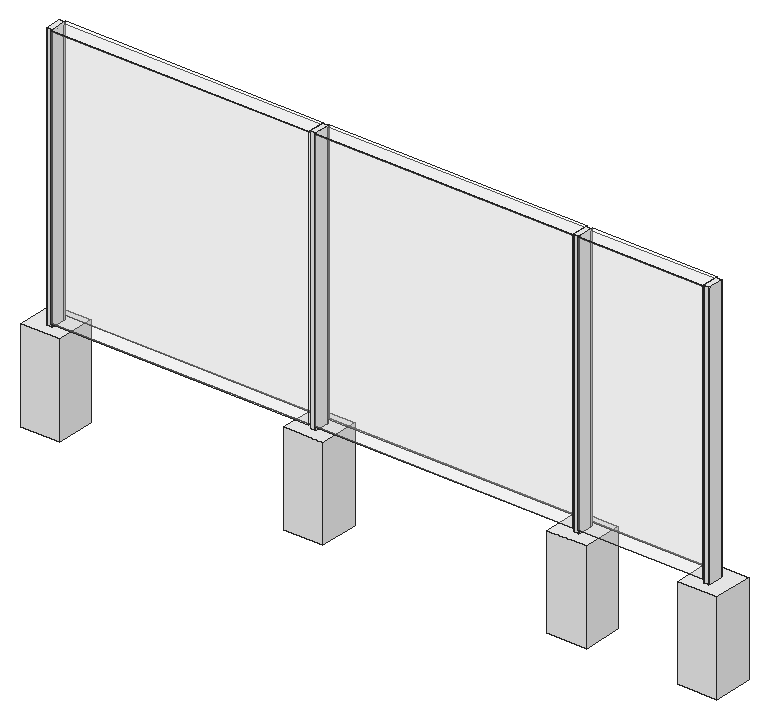
Revit family "NBS_BetafenceLimited_MtlMeshPnlFncngSym_ZenturoGabionWall", category Generic Models, Revit 2016
Family settings
  Part Type = Normal
  Can host rebar = No
  Round Connector Dimension = Use Diameter
  OmniClass Number = 23.11.25.19.21
  OmniClass Title = Panel Fences
  Work Plane-Based = No
  Cut with Voids When Loaded = No
  Shared = No
  Room Calculation Point = No
Parameters
  WarrantyStartDate [instance] = "1900-12-31T23:59:59"
  WarrantyGuarantorParts = "n/a"
  WarrantyGuarantorLabor = "n/a"
  WarrantyDurationUnit = "year"
  WarrantyDurationParts = "n/a"
  WarrantyDurationLabor = "n/a"
  WarrantyDescription = "n/a"
  Version = "1"  # constant formula
  Uniclass2015Version = "Systems v1.6"
  Uniclass2015Title = "Metal mesh panel fencing systems"
  Uniclass2015Code = "Ss_25_14_67_51"
  TagNumber [instance] = "n/a"
  SystemAccessories = "n/a"
  SustainabilityPerformance = "n/a"
  StandardPostAxisOffset = 2005 mm  # constant formula
  Size = "n/a"
  SiteAppliedFinishes = "n/a"
  Shape = "n/a"
  SerialNumber [instance] = "n/a"
  Revision = "n/a"
  ReplacementCost = "n/a"
  Reference = "n/a"
  Rails = "n/a"
  ProductInformation = "www.betafence.co.uk/en/zenturo-super-gabion-wall"
  Posts = "n/a"
  PostThickness = 120 mm  # constant formula
  PostFoundations = "Installation guides available on request"
  Panels = "n/a"
  PanelThickness = 144 mm  # constant formula
  PanelSizeOptions = "2005 x 655 mm, 2005 x 955 mm, 2005 x 1255 mm, 2005 x 1555 mm, 2005 x 1705 mm, 2005 x 2005 mm"
  PanelOffsetFromPostAxis = PostWidth / 2  # 20 mm
  PanelOffsetFromPostCL = PanelThickness * 0.5  # 72 mm
  PanelMaterial = NBS_BetafenceLimited_MtlMeshPnlFncngSym_ZenturoGabionWall_Panel
  PanelHeight = PostHeight  # 2005 mm
  PanelElevation = 20 mm  # constant formula
  NumberOfStartPosts [instance] = if(HasPostAtStart, 1, 0)  # 1
  NumberOfPanels [instance] = if(HasNonStandardEndPanel, NumberOfWholePanels + 1, NumberOfWholePanels)  # 3
  NumberOfWholePanels [instance] = rounddown([built-in parameter 1001306] / StandardPostAxisOffset)  # 2
  NumberOfIntermediatePosts [instance] = NumberOfPanels - 1  # 2
  NumberOfEndPosts [instance] = if(HasPostOnEnd, 1, 0)  # 1
  NumberOfPosts [instance] = NumberOfStartPosts + NumberOfIntermediatePosts + NumberOfEndPosts  # 4
  NonStandardEndPanelLength [instance] = [built-in parameter 1001306] - StandardPostAxisOffset * NumberOfWholePanels  # 990 mm
  NominalWidth = StandardPostAxisOffset  # 2005 mm
  NominalLength = 0 mm
  NominalHeight = PostHeight  # 2005 mm
  Name = "MetalMeshPanelFencingSystem_ZenturoGabionWall_BetafenceLimited"
  NBSTypeID = "n/a"
  NBSReference = "25-20-30/145"
  NBSOfficeMasterTag = "n/a"
  NBSNote = "n/a"
  NBSDescription = "Metal mesh panel fencing system"
  NBSCertification = "www.nationalbimlibrary.com/cert/fkkpvtci"
  ModelReference = "Zenturo Gabion Wall"
  ModelNumber = "n/a"
  Material = "n/a"
  ManufacturerURL = "www.betafence.co.uk"
  ManufacturerName = "Betafence Limited"  # constant formula
  Manufacturer = "sales.sheffield@betafence.com"  # constant formula
  built-in parameter 1001306 [instance] = 5000 mm
  IsExternal = yes
  InstallationDate [instance] = "1900-12-31T23:59:59"
  IfcExportType = "NOTDEFINED"  # constant formula
  IfcExportAs = "IfcWallType"  # constant formula
  Height = PostHeight  # 2005 mm
  HasSingleWholePanel [instance] = NumberOfWholePanels = 1  # no
  HasSingleIntermediatePost [instance] = NumberOfIntermediatePosts = 1  # no
  HasMultipleWholePanels [instance] = NumberOfWholePanels > 1  # yes
  HasMultipleIntermediatePosts [instance] = NumberOfIntermediatePosts > 1  # yes
  HasFoundation [instance] = yes
  Has4FoldPanel = (PostHeight > 2001 mm)  # yes
  Has3FoldPanel = not(Has4FoldPanel)  # no
  Grade = "n/a"
  FoundationMaterial = NBS_Concept
  PostWidth = 40 mm  # constant formula
  PostMountDepth = 700 mm  # constant formula
  PostMaterial = NBS_Concept
  PostHeight = 2005 mm
  HasNonStandardEndPanel [instance] = ([built-in parameter 1001306] / StandardPostAxisOffset) > NumberOfWholePanels  # yes
  HasPostOnEnd [instance] = yes
  HasPostAtStart [instance] = yes
  FoundationWidth [instance] = 300 mm
  FoundationDepth [instance] = 700 mm
  Finish = "n/a"
  FenceTopping = "n/a"
  Features = "n/a"
  ExpectedLife = "n/a"
  DurationUnit = "year"
  Diameter = 0 mm
  Description = "n/a"
  Constituents = "n/a"
  Color = "n/a"
  CodePerformance = "n/a"
  Category = "Ss_25_14_67_51: Metal mesh panel fencing systems"
  CalculatedNumberOfWholePanels [instance] = if(NumberOfWholePanels < 2, 2, NumberOfWholePanels)  # 2
  CalculatedNumberOfIntermediatePosts [instance] = if(NumberOfIntermediatePosts < 2, 2, NumberOfIntermediatePosts)  # 2
  CalculatedNonStandardEndPanelLength [instance] = if(NonStandardEndPanelLength < 2 mm, 2 mm, NonStandardEndPanelLength)  # 990 mm
  BaseBoards = "n/a"
  BarCode [instance] = "n/a"
  BIMObjectName = "NBS_BetafenceLimited_MetalMeshPanelFencingSystem_ZenturoGabionWall"
  Author = "NBS"  # constant formula
  AssetType = "Fixed"
  AssetIdentifier [instance] = "n/a"
  AccessibilityPerformance = "n/a"
Reference planes
  plane 1 "Center (Front/Back)": y = 0
  plane 2: z = 0
  plane 3 "Left": x = 0
  plane 4 "Right": x = 5000
  plane 5: x = 2005
  plane 6: x = 4010
  plane 7: z = 2005
  plane 8: y = 150
  plane 9: y = -150
  plane 10: y = -60
  plane 11: y = 60
  plane 12 "PanelElevation": z = 20
  plane 13: x = 4010
  plane 14: y = -72
Lines and regions (mm)
  reference lines
    curve 1: line (0, 0, 0) -> (5000, 0, 0)
Dimensions and locks
  "built-in parameter 1001306": plane 3 "Left" to plane 4 "Right"
  "StandardPostAxisOffset": plane 3 "Left" to plane 5
  "StandardPostAxisOffset": plane 5 to plane 6
  "PostHeight": plane 7 to plane 2
  equal spacing: plane 9, plane 1 "Center (Front/Back)", plane 8
  "FoundationWidth": plane 9 to plane 8
  equal spacing: plane 10, plane 1 "Center (Front/Back)", plane 11
  "PostThickness": plane 10 to plane 11
  "PanelElevation": plane 12 "PanelElevation" to plane 2
  "CalculatedNonStandardEndPanelLength": plane 13 to plane 4 "Right"
  group 1 to group 2 = 2005 mm
  group 1 to group 2 = 0 mm  (x2)
  "PanelOffsetFromPostCL": plane 14 to plane 1 "Center (Front/Back)"
  group 3 to group 4 = 2005 mm
  group 3 to group 4 = 0 mm  (x2)
  aligned and locked: plane 4 "Right" to curve 1
  aligned and locked: plane 1 "Center (Front/Back)" to curve 1
  aligned and locked: plane 3 "Left" to curve 1
  aligned and locked: level to plane 2
  aligned and locked: plane 3 "Left" to nested 1
  aligned and locked: plane 1 "Center (Front/Back)" to nested 1
  aligned and locked: plane 4 "Right" to nested 3
  aligned and locked: plane 1 "Center (Front/Back)" to nested 3
  aligned and locked: nested 2 to plane 5
  aligned and locked: plane 1 "Center (Front/Back)" to nested 2
  aligned and locked: plane 3 "Left" to nested 4
  aligned and locked: plane 2 to nested 1
  aligned and locked: plane 2 to nested 2
  aligned and locked: plane 2 to nested 3
  aligned and locked: plane 2 to nested 6
  aligned and locked: nested 6 to plane 5
  aligned and locked: plane 1 "Center (Front/Back)" to nested 6
  aligned and locked: plane 3 "Left" to nested 7
  aligned and locked: nested 4 to nested 7
  aligned and locked: plane 14 to nested 5
  aligned and locked: plane 14 to nested 7
  aligned and locked: plane 14 to nested 4
  aligned and locked: curve 1 to plane 2
  aligned and locked: nested 9 to plane 5
  aligned and locked: plane 14 to nested 9
  aligned and locked: plane 12 "PanelElevation" to nested 5
  aligned and locked: plane 12 "PanelElevation" to nested 4
  aligned and locked: plane 12 "PanelElevation" to nested 7
  aligned and locked: plane 12 "PanelElevation" to nested 9
  aligned and locked: nested 9 to plane 12 "PanelElevation"
  aligned and locked: nested 8 to plane 6
  aligned and locked: plane 4 "Right" to nested 5
Nested families
  nested 1: "NBS_BetafenceLimited_MtlMeshPnlFncngSym_ZenturoGabionWallPost" at (0, 0, 0), visible <- "HasPostAtStart", FoundationMaterial <- "FoundationMaterial", FoundationDepth <- "FoundationDepth", FoundationWidth <- "FoundationWidth", PostMountDepth <- "PostMountDepth", PostHeight <- "PostHeight", PostMaterial <- "PostMaterial", HasFoundation <- "HasFoundation", PanelOffset <- "PanelElevation", type "NBS_BetafenceLimited_Post_SEED"
    with PostWidth 40 mm, PostThickness 120 mm, PostMountDepth 700 mm, PostMaterial NBS_Concept, PostHeight 2005 mm, PanelOffset 20 mm, HasFoundation yes, FoundationWidth 300 mm, FoundationMaterial NBS_Concept, FoundationDepth 700 mm
  nested 2: "NBS_BetafenceLimited_MtlMeshPnlFncngSym_ZenturoGabionWallPost" at (2005, 0, 0), visible <- "HasSingleIntermediatePost", FoundationMaterial <- "FoundationMaterial", PostMaterial <- "PostMaterial", FoundationDepth <- "FoundationDepth", FoundationWidth <- "FoundationWidth", PostMountDepth <- "PostMountDepth", PostHeight <- "PostHeight", HasFoundation <- "HasFoundation", PanelOffset <- "PanelElevation", type "NBS_BetafenceLimited_Post_SEED"
    with PostWidth 40 mm, PostThickness 120 mm, PostMountDepth 700 mm, PostMaterial NBS_Concept, PostHeight 2005 mm, PanelOffset 20 mm, HasFoundation yes, FoundationWidth 300 mm, FoundationMaterial NBS_Concept, FoundationDepth 700 mm
  nested 3: "NBS_BetafenceLimited_MtlMeshPnlFncngSym_ZenturoGabionWallPost" at (5000, 0, 0), visible <- "HasPostOnEnd", FoundationMaterial <- "FoundationMaterial", FoundationDepth <- "FoundationDepth", FoundationWidth <- "FoundationWidth", PostMountDepth <- "PostMountDepth", PostHeight <- "PostHeight", PostMaterial <- "PostMaterial", HasFoundation <- "HasFoundation", PanelOffset <- "PanelElevation", type "NBS_BetafenceLimited_Post_SEED"
    with PostWidth 40 mm, PostThickness 120 mm, PostMountDepth 700 mm, PostMaterial NBS_Concept, PostHeight 2005 mm, PanelOffset 20 mm, HasFoundation yes, FoundationWidth 300 mm, FoundationMaterial NBS_Concept, FoundationDepth 700 mm
  nested 4: "NBS_BetafenceLimited_MtlMeshPnlFncngSym_ZenturoGabionWall_Panel" at (0, -72, 20), PanelLength <- "StandardPostAxisOffset", PanelHeight <- "PanelHeight", visible <- "HasSingleWholePanel", PanelMaterial <- "PanelMaterial", PanelOffsetFromPostAxis <- "PanelOffsetFromPostAxis", Has4Folds <- "Has4FoldPanel", PanelThickness <- "PanelThickness", type "ZenturoGabionWall_Panel"
    with PanelThickness 144 mm, PanelOffsetFromPostAxis 20 mm, PanelMaterial NBS_BetafenceLimited_MtlMeshPnlFncngSym_ZenturoGabionWall_Panel, PanelLength 2005 mm, PanelHeight 2005 mm, Has4Folds yes, Has3Folds no, CalculatedPanelLength 2005 mm
  nested 5: "NBS_BetafenceLimited_MtlMeshPnlFncngSym_ZenturoGabionWall_Panel" at (4010, -72, 20), visible <- "HasNonStandardEndPanel", PanelLength <- "CalculatedNonStandardEndPanelLength", PanelHeight <- "PanelHeight", PanelOffsetFromPostAxis <- "PanelOffsetFromPostAxis", PanelMaterial <- "PanelMaterial", Has4Folds <- "Has4FoldPanel", PanelThickness <- "PanelThickness", type "ZenturoGabionWall_Panel"
    with PanelThickness 144 mm, PanelOffsetFromPostAxis 20 mm, PanelMaterial NBS_BetafenceLimited_MtlMeshPnlFncngSym_ZenturoGabionWall_Panel, PanelLength 990 mm, PanelHeight 2005 mm, Has4Folds yes, Has3Folds no, CalculatedPanelLength 990 mm
  nested 6: "NBS_BetafenceLimited_MtlMeshPnlFncngSym_ZenturoGabionWallPost" at (2005, 0, 0), visible <- "HasMultipleIntermediatePosts", FoundationMaterial <- "FoundationMaterial", FoundationDepth <- "FoundationDepth", FoundationWidth <- "FoundationWidth", PostMountDepth <- "PostMountDepth", PostHeight <- "PostHeight", PostMaterial <- "PostMaterial", HasFoundation <- "HasFoundation", PanelOffset <- "PanelElevation", type "NBS_BetafenceLimited_Post_SEED"
    with PostWidth 40 mm, PostThickness 120 mm, PostMountDepth 700 mm, PostMaterial NBS_Concept, PostHeight 2005 mm, PanelOffset 20 mm, HasFoundation yes, FoundationWidth 300 mm, FoundationMaterial NBS_Concept, FoundationDepth 700 mm
  nested 7: "NBS_BetafenceLimited_MtlMeshPnlFncngSym_ZenturoGabionWall_Panel" at (0, -72, 20), visible <- "HasMultipleWholePanels", PanelLength <- "StandardPostAxisOffset", PanelHeight <- "PanelHeight", PanelMaterial <- "PanelMaterial", PanelOffsetFromPostAxis <- "PanelOffsetFromPostAxis", Has4Folds <- "Has4FoldPanel", PanelThickness <- "PanelThickness", type "ZenturoGabionWall_Panel"
    with PanelThickness 144 mm, PanelOffsetFromPostAxis 20 mm, PanelMaterial NBS_BetafenceLimited_MtlMeshPnlFncngSym_ZenturoGabionWall_Panel, PanelLength 2005 mm, PanelHeight 2005 mm, Has4Folds yes, Has3Folds no, CalculatedPanelLength 2005 mm
  nested 8: "NBS_BetafenceLimited_MtlMeshPnlFncngSym_ZenturoGabionWallPost" at (4010, 0, 0), visible <- "HasMultipleIntermediatePosts", FoundationMaterial <- "FoundationMaterial", FoundationDepth <- "FoundationDepth", FoundationWidth <- "FoundationWidth", PostMountDepth <- "PostMountDepth", PostHeight <- "PostHeight", PostMaterial <- "PostMaterial", HasFoundation <- "HasFoundation", PanelOffset <- "PanelElevation", type "NBS_BetafenceLimited_Post_SEED"
    with PostWidth 40 mm, PostThickness 120 mm, PostMountDepth 700 mm, PostMaterial NBS_Concept, PostHeight 2005 mm, PanelOffset 20 mm, HasFoundation yes, FoundationWidth 300 mm, FoundationMaterial NBS_Concept, FoundationDepth 700 mm
  nested 9: "NBS_BetafenceLimited_MtlMeshPnlFncngSym_ZenturoGabionWall_Panel" at (2005, -72, 20), visible <- "HasMultipleWholePanels", PanelLength <- "StandardPostAxisOffset", PanelHeight <- "PanelHeight", PanelMaterial <- "PanelMaterial", PanelOffsetFromPostAxis <- "PanelOffsetFromPostAxis", Has4Folds <- "Has4FoldPanel", PanelThickness <- "PanelThickness", type "ZenturoGabionWall_Panel"
    with PanelThickness 144 mm, PanelOffsetFromPostAxis 20 mm, PanelMaterial NBS_BetafenceLimited_MtlMeshPnlFncngSym_ZenturoGabionWall_Panel, PanelLength 2005 mm, PanelHeight 2005 mm, Has4Folds yes, Has3Folds no, CalculatedPanelLength 2005 mm
Definition of nested family "NBS_BetafenceLimited_MtlMeshPnlFncngSym_ZenturoGabionWallPost"
  Parameters (values of type "NBS_BetafenceLimited_Post_SEED")
    PostThickness [instance] = 120 mm
    PanelOffset [instance] = 20 mm
    HasFoundation [instance] = yes
    FoundationMaterial [instance] = none
    PostMountDepth [instance] = 675 mm
    PostMaterial [instance] = none
    PostHeight [instance] = 1705 mm
    PostWidth [instance] = 40 mm
    FoundationWidth [instance] = 300 mm
    FoundationDepth [instance] = 700 mm
  Reference planes
    plane 1 "Center (Front/Back)": y = 0
    plane 2: z = 0
    plane 3 "Center (Left/Right)": x = 0
    plane 4: z = 1725
    plane 5: z = -700
    plane 6: z = -675
    plane 7: x = -150
    plane 8: x = 150
    plane 9: y = 150
    plane 10: y = -150
    plane 11 "PanelOffsetBase": z = 20
    plane 12: x = -20
    plane 13: x = 20
    plane 14: y = -60
    plane 15: y = 60
  Forms (mm)
    Extrusion 1, solid, material <- "PostMaterial", detail levels coarse+medium
      sketch origin (0, 0, 0) x (1, 0, 0) y (0, 1, 0)
        loop
          line (-20, 60) -> (-20, -60) -> (20, -60) -> (20, 60) -> (-20, 60)
      from -675 to 1725
    Extrusion 2, solid, material <- "FoundationMaterial", visible <- "HasFoundation"
      sketch origin (0, 0, 0) x (1, 0, 0) y (0, 1, 0)
        loop
          line (-150, 150) -> (-150, -150) -> (150, -150) -> (150, 150) -> (-150, 150)
      from -700 to 0
    Extrusion 3, void
      sketch origin (0, 0, 0) x (1, 0, 0) y (0, 1, 0)
        loop
          line (-20, 60) -> (-20, -60) -> (20, -60) -> (20, 60) -> (-20, 60)
      from -675 to 0
    Extrusion 4, solid, material <- "PostMaterial", detail levels fine
      sketch origin (0, 0, 0) x (1, 0, 0) y (0, 1, 0)
        loop
          line (-20, 56) -> (-20, -56)
          arc (-20, -56) -> (-18.828, -58.828) -> (-16, -60) r 4
          line (-16, -60) -> (16, -60)
          arc (16, -60) -> (18.828, -58.828) -> (20, -56) r 4
          line (20, -56) -> (20, 56)
          arc (20, 56) -> (18.828, 58.828) -> (16, 60) r 4
          line (16, 60) -> (-16, 60)
          arc (-16, 60) -> (-18.828, 58.828) -> (-20, 56) r 4
      from -675 to 1725
  Cuts and joins
    Extrusion 3 cuts Extrusion 2
  Dimensions and locks
    "PostHeight": plane 4 to plane 11 "PanelOffsetBase"
    "FoundationDepth": plane 2 to plane 5
    "PostMountDepth": plane 2 to plane 6
    equal spacing: plane 9, plane 1 "Center (Front/Back)", plane 10
    equal spacing: plane 7, plane 3 "Center (Left/Right)", plane 8
    "FoundationWidth": plane 9 to plane 10
    "FoundationWidth": plane 7 to plane 8
    equal spacing: Extrusion 3 sketch curve, plane 3 "Center (Left/Right)", Extrusion 3 sketch curve
    "PostWidth": Extrusion 3 sketch curve to Extrusion 3 sketch curve
    equal spacing: Extrusion 3 sketch curve, plane 1 "Center (Front/Back)", Extrusion 3 sketch curve
    "PostThickness": Extrusion 3 sketch curve to Extrusion 3 sketch curve
    "PanelOffset": plane 11 "PanelOffsetBase" to plane 2
    equal spacing: plane 15, plane 1 "Center (Front/Back)", plane 14
    "PostThickness": plane 15 to plane 14
    equal spacing: plane 12, plane 3 "Center (Left/Right)", plane 13
    "PostWidth": plane 12 to plane 13
    aligned and locked: level to plane 2
    aligned and locked: plane 4 to Extrusion 1
    aligned and locked: Extrusion 2 sketch curve to plane 9
    aligned and locked: plane 7 to Extrusion 2 sketch curve
    aligned and locked: plane 10 to Extrusion 2 sketch curve
    aligned and locked: Extrusion 2 sketch curve to plane 8
    aligned and locked: plane 2 to Extrusion 2
    aligned and locked: plane 5 to Extrusion 2
    aligned and locked: plane 6 to Extrusion 1
    aligned and locked: plane 2 to cut or joined group of Extrusion 2, Extrusion 3
    aligned and locked: plane 6 to cut or joined group of Extrusion 2, Extrusion 3
    aligned and locked: plane 14 to Extrusion 1 sketch curve
    aligned and locked: Extrusion 1 sketch curve to plane 15
    aligned and locked: Extrusion 1 sketch curve to plane 13
    aligned and locked: plane 12 to Extrusion 1 sketch curve
    aligned and locked: Extrusion 4 sketch curve to plane 12
    aligned and locked: Extrusion 4 sketch curve to plane 13
    aligned and locked: Extrusion 4 sketch curve to plane 14
    aligned and locked: Extrusion 4 sketch curve to plane 15
    aligned and locked: plane 6 to Extrusion 4
    aligned and locked: plane 4 to Extrusion 4
  Automatic sketch dimensions
    plane 12 to Extrusion 4 sketch curve = 4 mm  (x2)
    Extrusion 4 sketch curve to plane 13 = 4 mm
    Extrusion 4 sketch curve to Extrusion 4 sketch curve = 4 mm
Definition of nested family "NBS_BetafenceLimited_MtlMeshPnlFncngSym_ZenturoGabionWall_Panel"
  Parameters (values of type "ZenturoGabionWall_Panel")
    PanelOffsetFromPostAxis [instance] = 50 mm
    PanelThickness [instance] = 144 mm
    PanelMaterial [instance] = none
    PanelLength [instance] = 1000 mm
    PanelHeight [instance] = 2000 mm
    Has4Folds [instance] = yes
    Has3Folds [instance] = not(Has4Folds)  # no
    CalculatedPanelLength [instance] = if(PanelLength < (PanelOffsetFromPostAxis * 2 + 2 mm), PanelOffsetFromPostAxis * 2 + 2 mm, PanelLength)  # 1000 mm
  Reference planes
    plane 1 "Center (Front/Back)": y = 0
    plane 2: z = 0
    plane 3 "Center (Left/Right)": x = 0
    plane 4: x = 1000
    plane 5: x = 50
    plane 6: x = 950
    plane 7: y = 144
    plane 8: z = 2000
    plane 9: y = 132
    plane 10: y = 12
    plane 11: z = 1988
  Forms (mm)
    Extrusion 1, solid, material <- "PanelMaterial", detail levels coarse+medium
      sketch origin (0, 0, 0) x (0, 1, 0) y (0, 0, 1)
        loop
          line (144, 0) -> (144, 2000) -> (0, 2000) -> (0, 0) -> (144, 0)
      from 50 to 950
    Extrusion 2, solid, material <- "PanelMaterial", detail levels fine
      sketch origin (0, 0, 0) x (0, 1, 0) y (0, 0, 1)
        loop
          line (132, 0) -> (144, 0) -> (144, 2000) -> (0, 2000) -> (0, 0) -> (12, 0) -> (12, 1988) -> (132, 1988) -> (132, 0)
      from 50 to 950
  Dimensions and locks
    "CalculatedPanelLength": plane 3 "Center (Left/Right)" to plane 4
    "PanelOffsetFromPostAxis": plane 3 "Center (Left/Right)" to plane 5
    "PanelOffsetFromPostAxis": plane 6 to plane 4
    "PanelHeight": plane 8 to plane 2
    "PanelThickness": plane 1 "Center (Front/Back)" to plane 7
    locked: plane 9 to plane 7 at 12
    locked: plane 1 "Center (Front/Back)" to plane 10 at 12
    locked: plane 8 to plane 11 at 12
    aligned and locked: level to plane 2
    aligned and locked: Extrusion 1 sketch curve to plane 7
    aligned and locked: plane 1 "Center (Front/Back)" to Extrusion 1 sketch curve
    aligned and locked: plane 2 to Extrusion 1 sketch curve
    aligned and locked: plane 8 to Extrusion 1 sketch curve
    aligned and locked: plane 6 to Extrusion 1
    aligned and locked: Extrusion 1 to plane 5
    aligned and locked: plane 9 to Extrusion 2 sketch curve
    aligned and locked: plane 11 to Extrusion 2 sketch curve
    aligned and locked: plane 10 to Extrusion 2 sketch curve
    aligned and locked: plane 1 "Center (Front/Back)" to Extrusion 2 sketch curve
    aligned and locked: plane 8 to Extrusion 2 sketch curve
    aligned and locked: Extrusion 2 sketch curve to plane 7
    aligned and locked: plane 2 to Extrusion 2 sketch curve
    aligned and locked: plane 6 to Extrusion 2
    aligned and locked: Extrusion 2 to plane 5
  Automatic sketch dimensions
    Extrusion 2 sketch curve to level = 0 mm
